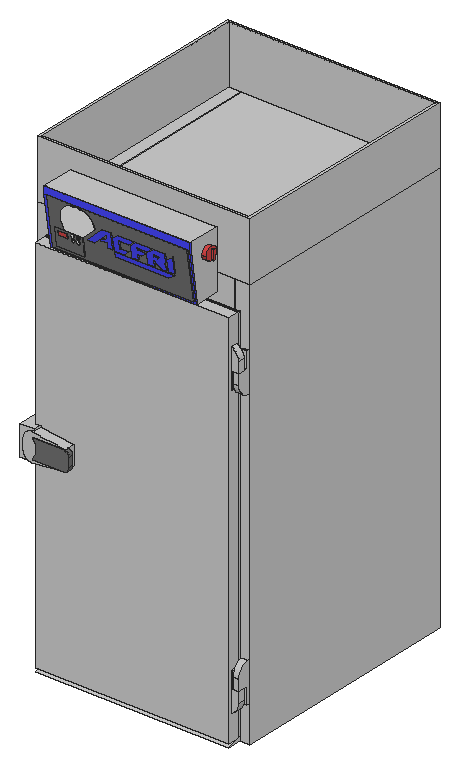
Revit family "QF_ACFRI_AR80-P630.190709093026", category Specialty Equipment, Revit 2016
Family settings
  Part Type = Normal
  Round Connector Dimension = Use Diameter
  OmniClass Number = 23.40.40.14
  OmniClass Title = Food Service Equipment
  Work Plane-Based = No
  Always vertical = Yes
  Cut with Voids When Loaded = No
  Shared = No
  Room Calculation Point = No
Parameters (values of type "AR80-P630_400V/0Ph/50Hz")
  URL catalogue = ""
  URL = "www.acfri.com"
  Type de Raccord Electrique [instance] = ""
  Type article [instance] = ""
  Tension = 400 V
  Status [instance] = ""
  Spécification technique = ""
  Spécification du Fabricant [instance] = ""
  Spécification de l'Utilisateur [instance] = ""
  SMACNA No spécifique pour les matériaux  Etats Unis = ""
  Quantité par lot [instance] = no
  Puissance électrique  = 5635 W
  Puissance en CV = ""
  Puissance Apparente = 5635 VA
  Protection de l'Appareil = 0 A
  Profondeur hors tout = 1145 mm
  Poids net à vide = 0.00 kg
  Phase = 1
  Numéro de Série = ""
  Nombres de Pôles = 1
  Nombre d'identification NAFEM = ""
  Model = "AR80-P630"
  Manufacturer = "ACFRI"
  Longueur hors tout = 1020 mm
  Intensité nominale courant electrique = 7 A
  Installé Par [instance] = ""
  Identifiant Equipement [instance] = no
  Hauteur hors tout = 2270 mm
  Hauteur de Raccordement du Sol Finis [instance] = 50 mm
  Hauteur de Raccordement du Sol Brut [instance] = 0 mm
  Fréquence = 50 Hz
  Fournis Par [instance] = ""
  Description = "CELLULE SÉRIE COMPACT À CHARIOT REFROIDISSEMENT, GROUPE À AIR À DISTANCE BASIC"
  Câble de connexion à l'appareil inclus = no
  Cost = 0
  Consommation d'énergie minimale = 0 A
  Connexion prise électrique  = ""
  Code de Révision [instance] = ""
  Classification dans le projet = ""
  Classement sismique = ""
  Accessoires = no
Reference planes
  plane 1 "Centre (avant/arrière)": y = 0
  plane 2: z = 0
  plane 3 "Centre (gauche/droite)": x = 0
Forms (mm)
  Extrusion 1, solid, not visible
    sketch origin (49, -2, 49) x (1, 0, 0) y (0, 1, 0)
      loop
        line (0, 0) -> (2, 0) -> (2, 2) -> (0, 2) -> (0, 0)
    from 0 to 2
Dimensions and locks
  aligned and locked: level to plane 2
Nested families
  nested 1: "QF_ACFRI_AR80-P630_400V_0Ph_50Hz" at (0, 0, 0), type "AR80-P630_400V/0Ph/50Hz"
    with Show Logo yes, Show Clearance yes
  nested 2: "QF_ACFRI_AR80-P630_DOOR_RX" at (0, 0, 0), type "AR80-P630_DOOR_RX"
    with Show Logo yes, Show Clearance yes
  nested 3: "QF_ACFRI_AR80-P630_COVER" at (0, 0, 0), type "AR80-P630_COVER"
    with Show Logo yes, Show Clearance yes
Connectors
  electrical at (50, 0, 50), driven by "Puissance Apparente", driven by "Nombres de Pôles", driven by "Tension"
    settings: on Extrusion 1, index 1, voltage 400 V, apparent load 0 VA, apparent load phase1 5635 VA, apparent load phase2 0 VA, apparent load phase3 0 VA, power factor 1, load classification "Other", number of poles 1, system type 31, power factor state 1, is connector primary yes, connector utility no, sub classification motor no, connector description "Electric connection for 'AR80-P630'"
Definition of nested family "QF_ACFRI_AR80-P630_400V_0Ph_50Hz"
  Parameters (values of type "AR80-P630_400V/0Ph/50Hz")
    URL = "www.acfri.com"
    Show Logo [instance] = yes
    Show Clearance [instance] = yes
    Model = "AR80-P630"
    Manufacturer = "ACFRI"
    Description = "ROLL-IN, COMPACT SERIES BLAST CHILLING, BASIC REMOTE AIR COOLED CONDENSING UNIT"
    Assembly Code = "E1090320"
  Reference planes
    plane 1 "Back": y = 0
    plane 2: z = 0
    plane 3 "Left": x = 0
    plane 4 "Right": x = 1020
    plane 5 "Front": y = -1145
    plane 6 "Top": z = 2270
  Forms (mm)
    Extrusion 1, solid
      sketch origin (0, 0, -150) x (0, 1, 0) y (0, 0, 1)
        loop
          line (0, 2137.146) -> (-1145, 2137.146) -> (-1145, 150) -> (0, 150) -> (0, 2137.146)
      from 0 to 69.921
    Extrusion 2, solid
      sketch origin (145.096, -444.562, 282.298) x (0, 1, 0) y (0, 0, 1)
        loop
          line (-860.438, 1899.473) -> (-860.438, 1866.552) -> (-820.062, 1616.095) -> (-700.438, 1616.095) -> (-700.438, 1899.473) -> (-860.438, 1899.473)
      from 12.404 to 717.404
    Extrusion 3, solid
      sketch origin (0, -444.562, -150) x (1, 0, 0) y (0, 0, 1)
        loop
          line (44.439, 2007.452) -> (44.439, 167.649) -> (975.561, 167.649) -> (975.561, 2007.452) -> (44.439, 2007.452)
        loop
          line (69.921, 1982.146) -> (69.921, 187.955) -> (950.079, 187.955) -> (950.079, 1982.146) -> (69.921, 1982.146)
      from 700.438 to 711.223
    Extrusion 4, solid
      sketch origin (958.08, 0, -150) x (0, 1, 0) y (0, 0, 1)
        loop
          line (0, 2137.146) -> (-1145, 2137.146) -> (-1145, 150) -> (0, 150) -> (0, 2137.146)
      from -8.08 to 61.92
    Extrusion 5, solid
      sketch origin (0, 0, -150) x (0, 1, 0) y (0, 0, 1)
        loop
          line (-1145, 2137.146) -> (-1145, 1982.146) -> (-1074.745, 1982.146) -> (-1074.745, 2052.146) -> (-68.458, 2052.146) -> (-68.458, 167) -> (-1145, 167) -> (-1145, 150) -> (0, 150) -> (0, 2137.146) -> (-1145, 2137.146)
      from 69.921 to 950
    Extrusion 6, solid
      sketch origin (145.096, -444.562, 282.298) x (0, 1, 0) y (0, 0, 1)
        loop
          circle (-764.498, 1820.753) r 30.24
      from 717.404 to 742.404
    Extrusion 7, solid
      sketch origin (145.096, -444.562, 282.298) x (0, 1, 0) y (0, 0, 1)
        loop
          line (-759.416, 1843.51) -> (-767.3, 1843.902) -> (-769.581, 1797.996) -> (-761.696, 1797.604) -> (-759.416, 1843.51)
      from 742.404 to 757.404
    Extrusion 8, solid
      sketch origin (145.096, -444.562, 282.298) x (0, 1, 0) y (0, 0, 1)
        loop
          line (-860.438, 1866.552) -> (-862.464, 1866.552) -> (-823.174, 1622.834) -> (-821.149, 1622.834) -> (-860.438, 1866.552)
      from 26.504 to 703.304
    Extrusion 9, solid
      sketch origin (145.096, -444.562, 282.298) x (0, 1, 0) y (0, 0, 1)
        loop
          line (-859.438, 1899.473) -> (-861.438, 1899.473) -> (-861.438, 1866.392) -> (-821.088, 1616.095) -> (-819.062, 1616.095) -> (-859.438, 1866.552) -> (-859.438, 1899.473)
      from 12.404 to 717.404
    Extrusion 10, solid
      sketch origin (98.946, -1211.341, 1555.306) x (1, 0, 0) y (0, -0.159156, 0.987253)
        loop
          line (93.554, 456.477) -> (93.554, 370.438) -> (228.354, 370.438) -> (228.354, 456.477) -> (93.554, 456.477)
      from 0 to 2
    Extrusion 11, solid
      sketch origin (98.946, -1211.341, 1555.306) x (1, 0, 0) y (0, -0.159156, 0.987253)
        loop
          line (108.554, 446.477) -> (108.554, 426.477) -> (153.209, 426.477) -> (153.209, 446.477) -> (108.554, 446.477)
      from 0 to 2.5
    Extrusion 12, solid
      sketch origin (98.946, -1211.341, 1555.306) x (1, 0, 0) y (0, -0.159156, 0.987253)
        loop
          circle (180.595, 446.477) r 7.041
        loop
          circle (205.595, 446.477) r 6.977
        loop
          circle (180.595, 426.477) r 6.969
        loop
          circle (205.595, 426.477) r 6.966
      from 0 to 2.5
    Extrusion 13, solid, visible <- "Show Logo"
      sketch origin (197.605, -1224.491, 1643.163) x (1, 0, 0) y (0, -0.159156, 0.987253)
        loop
          line (129.695, 367.647) -> (196.524, 434.476)
          arc (196.524, 434.476) -> (78.635, 500.079) -> (52.881, 367.647) r 83.333
          line (52.881, 367.647) -> (129.695, 367.647)
      from 0 to 2.5
    Extrusion 14, solid, visible <- "Show Logo"
      sketch origin (32.566, -1224.491, 1643.163) x (1, 0, 0) y (0, -0.159156, 0.987253)
        loop
          line (318.631, 367.647) -> (353.299, 367.647) -> (418.664, 433.012) -> (418.664, 406.346) -> (398.768, 406.346) -> (383.537, 391.115) -> (418.664, 391.115) -> (418.664, 367.647) -> (441.167, 367.647) -> (441.167, 447.647) -> (398.631, 447.647) -> (318.631, 367.647)
        loop
          line (448.944, 367.647) -> (493.774, 367.647) -> (521.549, 389.347) -> (479.182, 389.347) -> (479.182, 425.709) -> (524.998, 425.709) -> (553.077, 447.647) -> (475.047, 447.647) -> (448.944, 427.254) -> (448.944, 367.647)
        loop
          line (532.515, 367.647) -> (565.319, 367.647) -> (565.319, 394.314) -> (583.754, 394.314) -> (607.252, 414.031) -> (565.319, 414.031) -> (565.319, 425.49) -> (611.115, 425.49) -> (639.475, 447.647) -> (562.906, 447.647) -> (532.515, 422.146) -> (532.515, 367.647)
        loop
          line (611.712, 367.647) -> (644.318, 367.647) -> (644.318, 395.695) -> (682.923, 367.647) -> (702.113, 367.647) -> (702.113, 386.053) -> (689.341, 396.77) -> (702.113, 406.748) -> (702.113, 447.647) -> (647.314, 447.647) -> (611.712, 417.774) -> (611.712, 367.647)
        loop
          line (644.318, 425.49) -> (644.318, 414.031) -> (672.553, 414.031) -> (672.553, 425.49) -> (644.318, 425.49)
        loop
          line (708.789, 367.647) -> (739.436, 367.647) -> (739.436, 447.647) -> (708.789, 423.703) -> (708.789, 367.647)
        loop
          line (448.944, 360.305) -> (448.944, 337.873) -> (706.045, 337.873) -> (739.301, 360.305) -> (448.944, 360.305)
      from 0 to 2.5
    Extrusion 15, solid
      sketch origin (0, 5, 0) x (1, 0, 0) y (0, 0, 1)
        loop
          circle (50, 50) r 5
      from 0 to 5
    Extrusion 16, solid
      sketch origin (0, -160, 0) x (0, 1, 0) y (0, 0, 1)
        loop
          line (-985, 0) -> (-985, 17) -> (-1055, 0) -> (-985, 0)
      from 44.439 to 975.561
  Lines and regions (mm)
    symbolic lines
      curve 1: line (0, 0, 0) -> (1020, 0, 0)
      curve 2: line (0, -1145, 0) -> (0, 0, 0)
      curve 3: line (1020, -1145, 0) -> (0, -1145, 0)
      curve 4: line (1020, 0, 0) -> (1020, -1145, 0)
      curve 5: line (157.5, -1145, 0) -> (157.5, -1305, 0)
      curve 6: line (157.5, -1305, 0) -> (862.5, -1305, 0)
      curve 7: line (862.5, -1305, 0) -> (862.5, -1145, 0)
      curve 8: line (887.5, -1178.82, 0) -> (862.5, -1178.82, 0)
      curve 9: line (887.5, -1178.82, 0) -> (887.5, -1239.3, 0)
      curve 10: line (887.5, -1239.3, 0) -> (862.5, -1239.3, 0)
      curve 11: line (902.5, -1214.142, 0) -> (902.5, -1203.977, 0)
      curve 12: line (902.5, -1203.977, 0) -> (887.5, -1203.977, 0)
      curve 13: line (902.5, -1214.142, 0) -> (887.5, -1214.142, 0)
      curve 14: line (44.439, -1145, 0) -> (44.439, -1215, 0)
      curve 15: line (975.561, -1145, 0) -> (975.561, -1215, 0)
      curve 16: line (44.439, -1215, 0) -> (157.5, -1215, 0)
      curve 17: line (975.561, -1215, 0) -> (887.5, -1215, 0)
  Dimensions and locks
    plane 3 "Left" to plane 4 "Right" = 1020 mm
    plane 5 "Front" to plane 1 "Back" = 1145 mm
    plane 6 "Top" to level = 2270 mm
    aligned and locked: level to plane 2
  Connectors
    electrical at (50, 5, 50)
      settings: on Extrusion 15, index 1, voltage 0 V, apparent load 0 VA, apparent load phase1 0 VA, apparent load phase2 0 VA, apparent load phase3 0 VA, power factor 1, load classification none, number of poles 1, system type 31, power factor state 1, is connector primary yes, connector utility no, sub classification motor no, connector description "Electrical connection"
Definition of nested family "QF_ACFRI_AR80-P630_DOOR_RX"
  Parameters (values of type "AR80-P630_DOOR_RX")
    URL catalogue [instance] = ""
    URL = "www.acfri.com"
    Status [instance] = ""
    Spécification technique [instance] = ""
    Spécification du Fabricant [instance] = ""
    Spécification de l'Utilisateur [instance] = ""
    Show Logo [instance] = yes
    Show Clearance [instance] = yes
    SMACNA No spécifique pour les matériaux  Etats Unis [instance] = ""
    Quantité par lot [instance] = no
    Profondeur hors tout [instance] = 60 mm
    Poids net à vide [instance] = 0.00 kg
    Numéro de Série [instance] = ""
    Nombre d'identification NAFEM [instance] = ""
    Model = "AR80-P630_DOOR_RX"
    Manufacturer = "ACFRI"
    Longueur hors tout [instance] = 930 mm
    Installé Par [instance] = ""
    Identifiant Equipement [instance] = no
    Hauteur hors tout [instance] = 1840 mm
    Fournis Par [instance] = ""
    Description = "PORTE AVEC OUVERTURE DROITE"
    Cost = 0
    Code de Révision [instance] = ""
    Classification dans le projet [instance] = ""
    Classement sismique [instance] = ""
    Assembly Code = "E1090320"
    Accessoires [instance] = yes
  Reference planes
    plane 1 "Back": y = 0
    plane 2: z = 0
    plane 3 "Left": x = 0
    plane 4 "Right": x = 1020
    plane 5 "Front": y = -1145
    plane 6 "Top": z = 2270
  Forms (mm)
    Extrusion 1, solid
      sketch origin (0, -160, 0) x (1, 0, 0) y (0, 0, 1)
        loop
          line (44.439, 1857.452) -> (44.439, 17.649) -> (975.561, 17.649) -> (975.561, 1857.452) -> (44.439, 1857.452)
      from 995.785 to 1055
    Extrusion 2, solid
      sketch origin (116.532, -160, 0) x (1, 0, 0) y (0, 0, 1)
        loop
          line (113.468, 1049.125) -> (-48.815, 1069.051)
          arc (-48.815, 1069.051) -> (-79.244, 1056.446) -> (-91.848, 1026.017) r 43.033
          line (-91.848, 1026.017) -> (-91.848, 978.102)
          arc (-91.848, 978.102) -> (-79.244, 947.673) -> (-48.815, 935.069) r 43.033
          line (-48.815, 935.069) -> (113.468, 954.995) -> (113.468, 1049.125)
      from 1055.785 to 1105.372
    Extrusion 3, solid
      sketch origin (116.532, -1271.785, 0) x (1, 0, 0) y (0, 0, 1)
        loop
          arc (134.453, 1025.73) -> (127.816, 1041.753) -> (111.793, 1048.39) r 22.66
          line (111.793, 1048.39) -> (-40.547, 1048.39)
          arc (-40.547, 1048.39) -> (-24.991, 1002.06) -> (-40.547, 955.73) r 76.77
          line (-40.547, 955.73) -> (111.793, 955.73)
          arc (111.793, 955.73) -> (127.816, 962.367) -> (134.453, 978.39) r 22.66
          line (134.453, 978.39) -> (134.453, 1025.73)
      from -19.846 to 0.154
    Extrusion 4, solid
      sketch origin (228.698, 30, 0) x (0, 1, 0) y (0, 0, 1)
        loop
          line (-1175, 1703.284) -> (-1185, 1703.284) -> (-1185, 1623.308) -> (-1233.008, 1623.308) -> (-1233.008, 1571.46)
          arc (-1233.008, 1571.46) -> (-1216.018, 1530.442) -> (-1175, 1513.452) r 58.008
          line (-1175, 1513.452) -> (-1175, 1703.284)
      from 756.862 to 786.362
    Extrusion 5, solid
      sketch origin (-199.439, -1959.87, 3246.615) x (-1, 0, 0) y (0, 0, 1)
        loop
          line (-1175, -1703.284) -> (-1175, -1516.484)
          arc (-1175, -1516.484) -> (-1203.601, -1537.613) -> (-1214.5, -1571.46) r 58.008
          line (-1214.5, -1571.46) -> (-1214.5, -1623.308) -> (-1185, -1623.308) -> (-1185, -1703.284) -> (-1175, -1703.284)
      from 756.862 to 786.362
    Extrusion 6, solid
      sketch origin (228.698, 30, 1875.101) x (0, 1, 0) y (0, 0, 1)
        loop
          line (-1175, -1703.284) -> (-1175, -1513.452)
          arc (-1175, -1513.452) -> (-1216.018, -1530.442) -> (-1233.008, -1571.46) r 58.008
          line (-1233.008, -1571.46) -> (-1233.008, -1623.308) -> (-1185, -1623.308) -> (-1185, -1703.284) -> (-1175, -1703.284)
      from 756.862 to 786.362
    Extrusion 7, solid
      sketch origin (-199.439, -1959.87, -1371.514) x (-1, 0, 0) y (0, 0, 1)
        loop
          line (-1175, 1703.284) -> (-1185, 1703.284) -> (-1185, 1623.308) -> (-1214.5, 1623.308) -> (-1214.5, 1571.46)
          arc (-1214.5, 1571.46) -> (-1203.601, 1537.613) -> (-1175, 1516.484) r 58.008
          line (-1175, 1516.484) -> (-1175, 1703.284)
      from 756.862 to 786.362
    Extrusion 8, solid
      sketch origin (0, -160, 0) x (1, 0, 0) y (0, 0, 1)
        loop
          line (67.717, 1069.051) -> (67.717, 1074.051) -> (0, 1074.051) -> (0, 930.069) -> (67.717, 930.069) -> (67.717, 935.069)
          arc (67.717, 935.069) -> (37.288, 947.673) -> (24.684, 978.102) r 43.033
          line (24.684, 978.102) -> (24.684, 1026.017)
          arc (24.684, 1026.017) -> (37.288, 1056.446) -> (67.717, 1069.051) r 43.033
      from 985 to 1091.939
    Extrusion 9, solid, visible <- "Show Clearance", detail levels coarse
      sketch origin (0, -160, 0) x (1, 0, 0) y (0, 1, 0)
        loop
          line (975.561, -1055) -> (44.439, -1055)
          arc (44.439, -1055) -> (296.276, -1691.836) -> (915.561, -1984.186) r 931.121
          line (915.561, -1984.186) -> (975.561, -1984.186) -> (975.561, -1055)
      from 17.649 to 1857.452
  Lines and regions (mm)
    symbolic lines, visible <- "Show Clearance"
      curve 1: line (975.561, -2144.186, 0) -> (975.561, -1215, 0)
      curve 2: line (915.561, -2144.186, 0) -> (975.561, -2144.186, 0)
      curve 3: line (915.561, -2144.186, 0) -> (915.561, -1215, 0)
      curve 4: arc (44.439, -1215, 0) -> (296.276, -1851.836, 0) -> (915.561, -2144.186, 0) r 931.121
  Dimensions and locks
    plane 3 "Left" to plane 4 "Right" = 1020 mm
    plane 5 "Front" to plane 1 "Back" = 1145 mm
    plane 6 "Top" to level = 2270 mm
    aligned and locked: level to plane 2
Definition of nested family "QF_ACFRI_AR80-P630_COVER"
  Parameters (values of type "AR80-P630_COVER")
    URL catalogue [instance] = ""
    URL = "www.acfri.com"
    Status [instance] = ""
    Spécification technique [instance] = ""
    Spécification du Fabricant [instance] = ""
    Spécification de l'Utilisateur [instance] = ""
    Show Logo [instance] = yes
    Show Clearance [instance] = yes
    SMACNA No spécifique pour les matériaux  Etats Unis [instance] = ""
    Quantité par lot [instance] = no
    Profondeur hors tout [instance] = 985 mm
    Poids net à vide [instance] = 0.00 kg
    Numéro de Série [instance] = ""
    Nombre d'identification NAFEM [instance] = ""
    Model = "AR80-P630_COVER"
    Manufacturer = "ACFRI"
    Longueur hors tout [instance] = 1020 mm
    Installé Par [instance] = ""
    Identifiant Equipement [instance] = no
    Hauteur hors tout [instance] = 220 mm
    Fournis Par [instance] = ""
    Description = "COUVERCLE STANDARD"
    Cost = 0
    Code de Révision [instance] = ""
    Classification dans le projet [instance] = ""
    Classement sismique [instance] = ""
    Assembly Code = "E1090320"
    Accessoires [instance] = yes
  Reference planes
    plane 1 "Back": y = 0
    plane 2: z = 0
    plane 3 "Left": x = 0
    plane 4 "Right": x = 1020
    plane 5 "Front": y = -1145
    plane 6 "Top": z = 2270
  Forms (mm)
    Extrusion 1, solid
      sketch origin (0, 0, 363.091) x (1, 0, 0) y (0, 1, 0)
        loop
          line (0, 0) -> (0, -1145) -> (1020, -1145) -> (1020, 0) -> (0, 0)
        loop
          line (10, -10) -> (10, -1135) -> (1010, -1135) -> (1010, -10) -> (10, -10)
      from 1624.055 to 1906.909
  Lines and regions (mm)
    symbolic lines
      curve 1: line (0, 0, 0) -> (1020, 0, 0)
      curve 2: line (0, -1145, 0) -> (0, 0, 0)
      curve 3: line (1020, -1145, 0) -> (0, -1145, 0)
      curve 4: line (1020, 0, 0) -> (1020, -1145, 0)
      curve 5: line (10, -10, 0) -> (1010, -10, 0)
      curve 6: line (10, -1135, 0) -> (10, -10, 0)
      curve 7: line (1010, -1135, 0) -> (10, -1135, 0)
      curve 8: line (1010, -10, 0) -> (1010, -1135, 0)
  Dimensions and locks
    plane 3 "Left" to plane 4 "Right" = 1020 mm
    plane 5 "Front" to plane 1 "Back" = 1145 mm
    plane 6 "Top" to level = 2270 mm
    aligned and locked: level to plane 2
